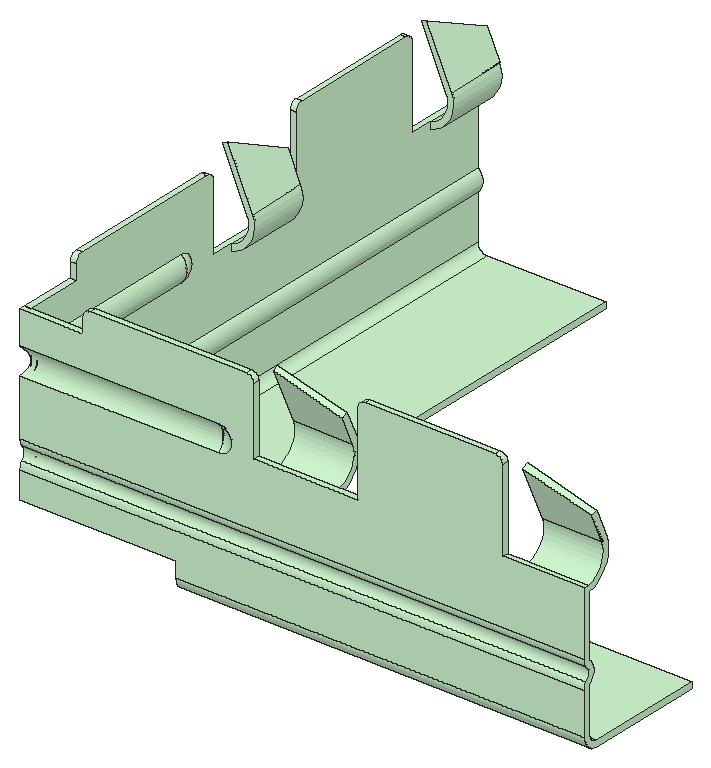
Revit family "20Lバー入隅J-eL3520(ツメ)", category 機械設備, Revit 2020
Family settings
  丸型コネクタ寸法 = 直径を使用
  種別 = なし
  パーツ タイプ = 標準
  作業面ベース = いいえ
  常に垂直 = はい
  ロード時にボイドで切り取り = いいえ
  共有 = いいえ
  部屋計算ポイント = いいえ
Parameters
  製造元 = "株式会社桐井製作所"
  既定の高さ = 0 mm
  URL = "https://www.kirii.co.jp/"
  K_材質 = "溶融亜鉛めっき鋼板及び鋼帯 SGCC 一般用"
  K_品名 = "20Lバー入隅J-eL3520(ツメ)"
  K_名称 = "Lバージョイント"
  K_入数 = "300"
  K_備考 = "対象Lバー:eL3520(20面)"
  K_バージョン情報 = "20220915"
  K_めっき付着量 = "Z12"
  K_JIS規格 = "JIS G 3302"
Reference planes
  plane 1 "中心(正面/背面)": y = 0
  plane 2: z = 0
  plane 3 "中心(左/右)": x = 0
Forms (mm)
  Extrusion 1, solid
    sketch origin (0, 0, 0) x (0, 1, 0) y (0, 0, 1)
      loop
        line (0, 2) -> (0, 8)
        arc (0, 8) -> (0.7, 9.5) -> (0, 11) r 1.957
        line (0, 11) -> (0, 32) -> (-0.8, 32) -> (-0.8, 11.359)
        arc (-0.8, 11.359) -> (-0.724, 10.853) -> (-0.514, 10.387) r 1.86
        arc (-0.514, 10.387) -> (-0.1, 9.5) -> (-0.514, 8.613) r 1.157
        arc (-0.514, 8.613) -> (-0.724, 8.147) -> (-0.8, 7.641) r 1.86
        line (-0.8, 7.641) -> (-0.8, 2)
        arc (-0.8, 2) -> (-0.214, 0.586) -> (1.2, 0) r 2
        line (1.2, 0) -> (17.2, 0) -> (17.2, 0.8) -> (1.2, 0.8)
        arc (1.2, 0.8) -> (0.351, 1.151) -> (0, 2) r 1.2
    from -0.8 to 75.2
  Extrusion 2, void
    sketch origin (23.5, 0, 0) x (1, 0, 0) y (0, 0, 1)
      loop
        line (51.7, 32) -> (39.7, 32)
        arc (39.7, 32) -> (40.407, 31.707) -> (40.7, 31) r 1
        line (40.7, 31) -> (40.7, 20) -> (51.7, 20) -> (51.7, 32)
    from 0 to 0.8
  Extrusion 3, void
    sketch origin (0, 0, 0) x (0, 1, 0) y (0, 0, 1)
      loop
        line (75.2, 20) -> (75.2, 32) -> (63.2, 32)
        arc (63.2, 32) -> (63.907, 31.707) -> (64.2, 31) r 1
        line (64.2, 31) -> (64.2, 20) -> (75.2, 20)
    from -0.8 to 0
  Extrusion 4, solid
    sketch origin (-0.8, 0, 0) x (-1, 0, 0) y (0, 0, -1)
      loop
        line (-0.8, -32) -> (0, -32) -> (0, -11.359)
        arc (0, -11.359) -> (-0.076, -10.853) -> (-0.286, -10.387) r 1.86
        arc (-0.286, -10.387) -> (-0.7, -9.5) -> (-0.286, -8.613) r 1.157
        arc (-0.286, -8.613) -> (-0.076, -8.147) -> (0, -7.641) r 1.86
        line (0, -7.641) -> (0, -2)
        arc (0, -2) -> (-0.586, -0.586) -> (-2, 0) r 2
        line (-2, 0) -> (-18, 0) -> (-18, -0.8) -> (-2, -0.8)
        arc (-2, -0.8) -> (-1.151, -1.151) -> (-0.8, -2) r 1.2
        line (-0.8, -2) -> (-0.8, -8)
        arc (-0.8, -8) -> (-1.5, -9.5) -> (-0.8, -11) r 1.957
        line (-0.8, -11) -> (-0.8, -32)
    from -75.2 to 0
  Extrusion 5, void
    sketch origin (0, 0, 0) x (1, 0, 0) y (0, 1, 0)
      loop
        line (20.2, 20.2) -> (-0.8, 20.2) -> (-0.8, -0.8) -> (20.2, -0.8) -> (20.2, 20.2)
    from 0 to 4
  Extrusion 6, void
    sketch origin (0, 0, 0) x (0, 1, 0) y (0, 0, 1)
      loop
        line (45.7, 32) -> (0, 32) -> (0, 27) -> (7.7, 27) -> (7.7, 29)
        arc (7.7, 29) -> (7.993, 29.707) -> (8.7, 30) r 1
        line (8.7, 30) -> (29.7, 30)
        arc (29.7, 30) -> (30.407, 29.707) -> (30.7, 29) r 1
        line (30.7, 29) -> (30.7, 20) -> (44.7, 20) -> (44.7, 31)
        arc (44.7, 31) -> (44.993, 31.707) -> (45.7, 32) r 1
    from -0.8 to 0
  Extrusion 7, void
    sketch origin (0, -0.8, 0) x (1, 0, 0) y (0, 0, 1)
      loop
        line (45.7, 32) -> (-0.8, 32) -> (-0.8, 27) -> (7.7, 27) -> (7.7, 29)
        arc (7.7, 29) -> (7.993, 29.707) -> (8.7, 30) r 1
        line (8.7, 30) -> (29.7, 30)
        arc (29.7, 30) -> (30.407, 29.707) -> (30.7, 29) r 1
        line (30.7, 29) -> (30.7, 20) -> (44.7, 20) -> (44.7, 31)
        arc (44.7, 31) -> (44.993, 31.707) -> (45.7, 32) r 1
    from -0.8 to 0
  Extrusion 8, solid
    sketch origin (0, -1.4, 0.179) x (-1, 0, 0) y (0, 0, -1)
      loop
        line (1.144, -31.605) -> (-2.199, -24.083)
        arc (-2.199, -24.083) -> (-2.047, -21.458) -> (0, -19.821) r 3.2
        line (0, -19.821) -> (0, -19)
        arc (0, -19) -> (-2.72, -21.019) -> (-2.915, -24.402) r 4
        line (-2.915, -24.402) -> (0.413, -31.93) -> (1.144, -31.605)
    from -76.6 to -68.6
  Extrusion 9, void
    sketch origin (12.585, 0, 2.868) x (0, 1, 0) y (-0.406186, 0, 0.913791)
      loop
        line (75.2, 28) -> (75.2, 32) -> (67.2, 32) -> (75.2, 28)
    from -0.8 to 0
  Extrusion 10, solid
    sketch origin (0, -34.9, 0.179) x (-1, 0, 0) y (0, 0, -1)
      loop
        line (1.144, -31.605) -> (-2.199, -24.083)
        arc (-2.199, -24.083) -> (-2.047, -21.458) -> (0, -19.821) r 3.2
        line (0, -19.821) -> (0, -19)
        arc (0, -19) -> (-2.72, -21.019) -> (-2.915, -24.402) r 4
        line (-2.915, -24.402) -> (0.413, -31.93) -> (1.144, -31.605)
    from -76.6 to -68.6
  Extrusion 11, void
    sketch origin (12.585, -33.5, 2.868) x (0, 1, 0) y (-0.406186, 0, 0.913791)
      loop
        line (75.2, 28) -> (75.2, 32) -> (67.2, 32) -> (75.2, 28)
    from -0.8 to 0
  Extrusion 12, solid
    sketch origin (110.246, 0, 0.179) x (0, -1, 0) y (0, 0, -1)
      loop
        line (1.144, -31.605) -> (-2.199, -24.083)
        arc (-2.199, -24.083) -> (-2.047, -21.458) -> (0, -19.821) r 3.2
        line (0, -19.821) -> (0, -19)
        arc (0, -19) -> (-2.72, -21.019) -> (-2.915, -24.402) r 4
        line (-2.915, -24.402) -> (0.413, -31.93) -> (1.144, -31.605)
    from -76.6 to -68.6
  Extrusion 13, void
    sketch origin (-33.554, 12.585, 2.868) x (1, 0, 0) y (0, 0.406186, -0.913791)
      loop
        line (75.2, -28) -> (67.2, -32) -> (75.2, -32) -> (75.2, -28)
    from -0.8 to 0
  Extrusion 14, solid
    sketch origin (143.8, 0, 0.179) x (0, -1, 0) y (0, 0, -1)
      loop
        line (1.144, -31.605) -> (-2.199, -24.083)
        arc (-2.199, -24.083) -> (-2.047, -21.458) -> (0, -19.821) r 3.2
        line (0, -19.821) -> (0, -19)
        arc (0, -19) -> (-2.72, -21.019) -> (-2.915, -24.402) r 4
        line (-2.915, -24.402) -> (0.413, -31.93) -> (1.144, -31.605)
    from -76.6 to -68.6
  Extrusion 15, void
    sketch origin (0, 12.585, 2.868) x (1, 0, 0) y (0, 0.406186, -0.913791)
      loop
        line (75.2, -28) -> (67.2, -32) -> (75.2, -32) -> (75.2, -28)
    from -0.8 to 0
  Extrusion 16, void
    sketch origin (0.72, -0.8, 41.5) x (0, -1, 0) y (0, 0, -1)
      loop
        arc (0, 22.5) -> (-0.8, 20.75) -> (0, 19) r 2.314
        line (0, 19) -> (0, 22.5)
    from -1.52 to 25.25
  Revolve 17, void
    sketch origin (25.97, -0.8, 0) x (0, -1, 0) y (0, 0, -1)
      loop
        line (0, -20.75) -> (0, -19)
        arc (0, -19) -> (-0.591, -19.788) -> (-0.8, -20.75) r 2.314
        line (-0.8, -20.75) -> (0, -20.75)
      axis (0, -20.75) -> (-1, -20.75)
    angle from 0 to 360
  Extrusion 18, void
    sketch origin (-0.8, -0.811, 41.5) x (-1, 0, 0) y (0, 0, 1)
      loop
        line (0, -22.5) -> (0, -19)
        arc (0, -19) -> (-0.8, -20.75) -> (0, -22.5) r 2.314
    from 0.011 to 26.021
  Extrusion 19, solid
    sketch origin (1.52, 0, 41.5) x (0, -1, 0) y (0, 0, -1)
      loop
        arc (0, 22.5) -> (-0.8, 20.75) -> (0, 19) r 2.314
        line (0, 19) -> (0, 22.5)
    from -1.52 to 24.346
  Extrusion 20, solid
    sketch origin (-0.002, -0.041, 41.5) x (-1, 0, 0) y (0, 0, 1)
      loop
        line (0, -22.5) -> (0, -19)
        arc (0, -19) -> (-0.8, -20.75) -> (0, -22.5) r 2.314
    from 0.041 to 25.25
  Revolve 21, solid
    sketch origin (-0.002, 25.209, 0) x (-1, 0, 0) y (0, 0, 1)
      loop
        line (0, 20.75) -> (-0.8, 20.75)
        arc (-0.8, 20.75) -> (-0.591, 19.788) -> (0, 19) r 2.314
        line (0, 19) -> (0, 20.75)
      axis (0, 20.75) -> (-1, 20.75)
    angle from 0 to 360
  Revolve 22, void
    sketch origin (-0.8, 25.209, 0) x (-1, 0, 0) y (0, 0, 1)
      loop
        line (0, 20.75) -> (-0.8, 20.75)
        arc (-0.8, 20.75) -> (-0.591, 19.788) -> (0, 19) r 2.314
        line (0, 19) -> (0, 20.75)
      axis (0, 20.75) -> (-1, 20.75)
    angle from 0 to 360
  Revolve 23, solid
    sketch origin (25.895, 0, 0) x (0, -1, 0) y (0, 0, -1)
      loop
        line (0, -20.75) -> (0, -19)
        arc (0, -19) -> (-0.591, -19.788) -> (-0.8, -20.75) r 2.314
        line (-0.8, -20.75) -> (0, -20.75)
      axis (0, -20.75) -> (-1, -20.75)
    angle from 0 to 360
Cuts and joins
  Extrusion 2, Extrusion 5, Extrusion 6, Extrusion 7, Extrusion 16, Revolve 17, Extrusion 18 cuts Extrusion 1
  Extrusion 13, Extrusion 15, Extrusion 18 cuts Extrusion 12
  Extrusion 15, Extrusion 18 cuts Extrusion 14
  joined: Extrusion 1, Extrusion 12, Extrusion 14
  Extrusion 3, Extrusion 5, Extrusion 6, Extrusion 7, Extrusion 18, Revolve 22 cuts Extrusion 4
  Extrusion 9, Extrusion 11, Extrusion 18 cuts Extrusion 8
  Extrusion 11, Extrusion 18 cuts Extrusion 10
  joined: Extrusion 4, Extrusion 8, Extrusion 10
  joined: Extrusion 20, Revolve 21
Dimensions and locks
  aligned and locked: level to plane 2
